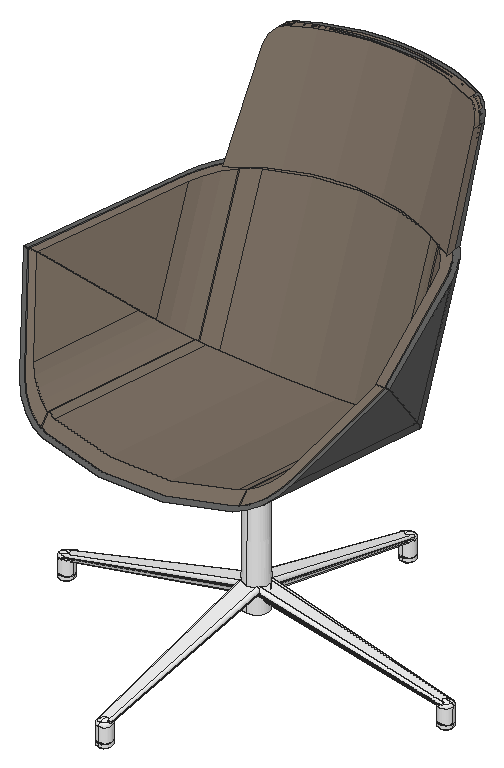
Revit family "Chair-Multi_Purpose-Allermuir-Phoulds PH4", category Furniture, Revit 2012 (continued)
Automatic sketch dimensions
  SweptBlend 17 sketch curve to SweptBlend 17 sketch curve = 0.00531"
  SweptBlend 17 sketch curve to profile plane = 16.42939"
  Revolve 18 sketch curve to level = 0"
  level to Revolve 18 sketch curve = 0.39013"
  Revolve 18 sketch curve to plane 6 = 3.24849"
  level to Revolve 18 sketch curve = 0.11054"
  Revolve 18 sketch curve to Revolve 18 sketch curve = 0"  (x3)
  Revolve 18 sketch curve to Revolve 18 sketch curve = 0.01662"
  level to Revolve 18 sketch curve = 0.32361"
  Revolve 18 sketch curve to Revolve 18 sketch curve = 0.02639"
  Revolve 18 sketch curve to Revolve 18 sketch curve = 0.05676"
  Revolve 18 sketch curve to Revolve 18 sketch curve = 0.10984"
  Revolve 18 sketch curve to Revolve 18 sketch curve = 0.12901"
  Revolve 18 sketch curve to Revolve 18 sketch curve = 0.12099"
  Revolve 18 sketch curve to Revolve 18 sketch curve = 9/32"
  level to Revolve 18 sketch curve = 0.31404"
  Revolve 18 sketch curve to Revolve 18 sketch curve = 0.36381"
  Revolve 18 sketch curve to Revolve 18 sketch curve = 0.48691"
  Revolve 18 sketch curve to Revolve 18 sketch curve = 0.22288"
  Revolve 19 sketch curve to level = 0"
  level to Revolve 19 sketch curve = 0.39013"
  Revolve 19 sketch curve to plane 7 = 3.24849"
  level to Revolve 19 sketch curve = 0.11054"
  Revolve 19 sketch curve to Revolve 19 sketch curve = 0"  (x3)
  Revolve 19 sketch curve to Revolve 19 sketch curve = 0.01662"
  level to Revolve 19 sketch curve = 0.32361"
  Revolve 19 sketch curve to Revolve 19 sketch curve = 0.02639"
  Revolve 19 sketch curve to Revolve 19 sketch curve = 0.05676"
  Revolve 19 sketch curve to Revolve 19 sketch curve = 0.10984"
  Revolve 19 sketch curve to Revolve 19 sketch curve = 0.12901"
  Revolve 19 sketch curve to Revolve 19 sketch curve = 0.12099"
  Revolve 19 sketch curve to Revolve 19 sketch curve = 9/32"
  level to Revolve 19 sketch curve = 0.31404"
  Revolve 19 sketch curve to Revolve 19 sketch curve = 0.36381"
  Revolve 19 sketch curve to Revolve 19 sketch curve = 0.48691"
  Revolve 19 sketch curve to Revolve 19 sketch curve = 0.22288"
  Revolve 20 sketch curve to level = 0"
  level to Revolve 20 sketch curve = 0.39013"
  plane 8 to Revolve 20 sketch curve = 3.87349"
  level to Revolve 20 sketch curve = 0.11054"
  Revolve 20 sketch curve to Revolve 20 sketch curve = 0"  (x3)
  Revolve 20 sketch curve to Revolve 20 sketch curve = 0.01662"
  level to Revolve 20 sketch curve = 0.32361"
  Revolve 20 sketch curve to Revolve 20 sketch curve = 0.02639"
  Revolve 20 sketch curve to Revolve 20 sketch curve = 0.05676"
  Revolve 20 sketch curve to Revolve 20 sketch curve = 0.10984"
  Revolve 20 sketch curve to Revolve 20 sketch curve = 0.12901"
  Revolve 20 sketch curve to Revolve 20 sketch curve = 0.12099"
  Revolve 20 sketch curve to Revolve 20 sketch curve = 9/32"
  level to Revolve 20 sketch curve = 0.31404"
  Revolve 20 sketch curve to Revolve 20 sketch curve = 0.36381"
  Revolve 20 sketch curve to Revolve 20 sketch curve = 0.48691"
  Revolve 20 sketch curve to Revolve 20 sketch curve = 0.22288"
  plane 1 "Center Front/Back" to SweptBlend 21 sketch curve = 0"
  SweptBlend 21 sketch curve to SweptBlend 21 sketch curve = 14.07799"
  profile plane to SweptBlend 21 sketch curve = 1.06091"
  profile plane to SweptBlend 21 sketch curve = 0.84904"
  SweptBlend 21 sketch curve to SweptBlend 21 sketch curve = 0"  (x20)
  SweptBlend 21 sketch curve to SweptBlend 21 sketch curve = 0.01016"
  SweptBlend 21 sketch curve to SweptBlend 21 sketch curve = 0.05223"
  SweptBlend 21 sketch curve to SweptBlend 21 sketch curve = 0.07622"
  SweptBlend 21 sketch curve to SweptBlend 21 sketch curve = 0.26696"
  SweptBlend 21 sketch curve to SweptBlend 21 sketch curve = 0.19882"
  profile plane to SweptBlend 21 sketch curve = 0.2073"
  profile plane to SweptBlend 21 sketch curve = 0.20433"
  profile plane to SweptBlend 21 sketch curve = 0"  (x2)
  SweptBlend 21 sketch curve to profile plane = 0.0031"
  SweptBlend 21 sketch curve to profile plane = 0.20431"
  SweptBlend 21 sketch curve to profile plane = 0.20728"
  SweptBlend 21 sketch curve to SweptBlend 21 sketch curve = 0.35663"
  SweptBlend 21 sketch curve to SweptBlend 21 sketch curve = 0.01804"
  SweptBlend 21 sketch curve to SweptBlend 21 sketch curve = 0.19881"
  SweptBlend 21 sketch curve to SweptBlend 21 sketch curve = 0.02396"
  SweptBlend 21 sketch curve to SweptBlend 21 sketch curve = 0.07613"
  SweptBlend 21 sketch curve to SweptBlend 21 sketch curve = 0.01022"
  SweptBlend 21 sketch curve to profile plane = 19.25468"
  profile plane to SweptBlend 21 sketch curve = 71/128"
  profile plane to SweptBlend 21 sketch curve = 0.4439"
  SweptBlend 21 sketch curve to SweptBlend 21 sketch curve = 0.00531"
  SweptBlend 21 sketch curve to SweptBlend 21 sketch curve = 0.02731"
  SweptBlend 21 sketch curve to SweptBlend 21 sketch curve = 0.03985"
  SweptBlend 21 sketch curve to SweptBlend 21 sketch curve = 0.13957"
  SweptBlend 21 sketch curve to SweptBlend 21 sketch curve = 0.10395"
  profile plane to SweptBlend 21 sketch curve = 0.10838"
  profile plane to SweptBlend 21 sketch curve = 0.10683"
  SweptBlend 21 sketch curve to profile plane = 0.00162"
  SweptBlend 21 sketch curve to profile plane = 0.10682"
  SweptBlend 21 sketch curve to profile plane = 0.10837"
  SweptBlend 21 sketch curve to SweptBlend 21 sketch curve = 0.18646"
  SweptBlend 21 sketch curve to SweptBlend 21 sketch curve = 0.00943"
  SweptBlend 21 sketch curve to SweptBlend 21 sketch curve = 0.10394"
  SweptBlend 21 sketch curve to SweptBlend 21 sketch curve = 0.01253"
  SweptBlend 21 sketch curve to SweptBlend 21 sketch curve = 0.0398"
  SweptBlend 21 sketch curve to SweptBlend 21 sketch curve = 0.00535"
  SweptBlend 21 sketch curve to profile plane = 16.42939"
  curve 62 to curve 63 = 0"
  curve 70 to curve 71 = 0"
  curve 77 to curve 78 = 0"
  curve 86 to curve 87 = 0"
  plane 1 "Center Front/Back" to curve 63 = 0"
  curve 77 to plane 3 "Center Left/Right" = 0"
  curve 71 to plane 3 "Center Left/Right" = 0"
  curve 35 to plane 3 "Center Left/Right" = 0"
  plane 1 "Center Front/Back" to curve 87 = 0"
  curve 9 to plane 3 "Center Left/Right" = 0.1367"
  curve 66 to plane 3 "Center Left/Right" = 0.26454"
  curve 73 to plane 3 "Center Left/Right" = 0.26454"
  curve 73 to plane 3 "Center Left/Right" = 0.31674"
  curve 66 to plane 3 "Center Left/Right" = 0.31674"
  curve 65 to curve 66 = 0.16302"
  curve 73 to curve 73 = 0.16302"
  curve 72 to curve 73 = 0.12622"
  curve 64 to curve 65 = 0.02173"
  curve 70 to curve 64 = 0.00346"
  curve 64 to plane 3 "Center Left/Right" = 0.50667"
  curve 76 to curve 77 = 0.57968"
  curve 69 to curve 70 = 0.56988"
  curve 2 to plane 3 "Center Left/Right" = 3.07175"
  curve 34 to plane 3 "Center Left/Right" = 4.58093"
  curve 10 to curve 2 = 1.95681"
  curve 40 to curve 10 = 0.08337"
  curve 32 to curve 34 = 1.95079"
  curve 38 to curve 40 = 1.45273"
  plane 9 to curve 32 = 0.03625"
  curve 32 to curve 34 = 2.52725"
  curve 36 to curve 10 = 2.12609"
  curve 38 to curve 36 = 0"
  curve 29 to curve 31 = 0.07233"
  curve 1 to curve 38 = 0.22536"
  curve 14 to curve 40 = 0.20881"
  plane 8 to curve 46 = 1.1282"
  plane 6 to curve 46 = 4.12883"
  plane 8 to curve 43 = 0.63812"
  curve 43 to curve 54 = 0"
  plane 8 to curve 44 = 0.26316"
  curve 44 to curve 43 = 0"
  curve 35 to curve 14 = 0.50029"
  curve 49 to curve 14 = 0.6772"
  curve 2 to curve 49 = 0.15886"
  curve 10 to curve 2 = 0.09256"
  curve 53 to curve 10 = 0.01904"
  curve 38 to curve 38 = 1.38664"
  curve 10 to curve 2 = 1.06352"
  curve 9 to curve 10 = 0"
  curve 13 to curve 35 = 1.43427"
  curve 40 to curve 38 = 1.18501"
  plane 6 to curve 34 = 1.64139"
  curve 32 to curve 34 = 0.64155"
  curve 12 to curve 32 = 0.00368"
  curve 2 to curve 40 = 0.50933"
  curve 4 to curve 2 = 0.00112"
  curve 5 to curve 4 = 0.21509"
  curve 11 to curve 12 = 0.28323"
  plane 6 to curve 2 = 1.16511"
  curve 55 to plane 6 = 0.35724"
  curve 61 to plane 6 = 0.70922"
  curve 8 to plane 6 = 1.20279"
  curve 3 to curve 8 = 11/256"
  curve 13 to curve 3 = 0.02565"
  curve 7 to curve 13 = 0.56433"
  curve 6 to curve 4 = 0.00724"
  plane 1 "Center Front/Back" to curve 59 = 0.29985"
  curve 59 to curve 61 = 1.28818"
  curve 57 to curve 59 = 0.19259"
  curve 11 to curve 6 = 0.34908"
  curve 63 to curve 59 = 0.42862"
  curve 62 to curve 57 = 0.24932"
  curve 60 to curve 62 = 0.0454"
  curve 56 to curve 63 = 0.12036"
  curve 55 to plane 1 "Center Front/Back" = 0.44928"
  curve 55 to curve 62 = 0.13571"
  curve 60 to curve 63 = 0.18618"
  curve 62 to curve 60 = 0.10505"
  curve 60 to curve 60 = 0.15579"
  curve 57 to curve 55 = 0.19298"
  curve 58 to curve 56 = 0.00821"
  curve 59 to curve 59 = 0.0098"
  plane 1 "Center Front/Back" to curve 58 = 0.00036"
  curve 58 to curve 62 = 0.14211"
  curve 62 to curve 58 = 0.38914"
  curve 29 to plane 1 "Center Front/Back" = 3.94591"
  curve 29 to curve 62 = 9.76113"
  plane 3 "Center Left/Right" to curve 31 = 0.00006"
  plane 3 "Center Left/Right" to curve 29 = 0.00006"
  plane 3 "Center Left/Right" to curve 67 = 0.00036"
  plane 3 "Center Left/Right" to curve 74 = 0.00036"
  plane 3 "Center Left/Right" to curve 54 = 0.02724"
  plane 3 "Center Left/Right" to curve 36 = 1/32"
  plane 3 "Center Left/Right" to curve 22 = 0.1992"
  plane 3 "Center Left/Right" to curve 75 = 0.26574"
  plane 3 "Center Left/Right" to curve 67 = 0.26574"
  plane 3 "Center Left/Right" to curve 75 = 0.29985"
  plane 3 "Center Left/Right" to curve 68 = 0.29985"
  curve 68 to curve 68 = 0.16203"
  curve 75 to curve 76 = 0.16203"
  curve 68 to curve 79 = 0.02189"
  curve 76 to curve 76 = 0.02679"
  curve 69 to curve 71 = 0.00521"
  plane 3 "Center Left/Right" to curve 79 = 0.52004"
  curve 78 to curve 72 = 0.21849"
  curve 69 to curve 65 = 0.22339"
  curve 22 to curve 15 = 2.93505"
  curve 15 to curve 23 = 1.95681"
  curve 23 to curve 41 = 0.30413"
  plane 7 to curve 39 = 5.74477"
  curve 39 to curve 33 = 0.53754"
  curve 41 to curve 37 = 1.23196"
  curve 23 to curve 1 = 1.77716"
  plane 9 to curve 33 = 0.01894"
  curve 33 to curve 33 = 0.65319"
  curve 41 to curve 37 = 1.82196"
  curve 36 to curve 37 = 0"
  plane 9 to curve 30 = 0.25041"
  curve 33 to curve 30 = 0.07337"
  curve 33 to curve 27 = 0.39714"
  plane 8 to curve 43 = 0.68218"
  curve 41 to curve 43 = 0.72692"
  plane 8 to curve 48 = 0.27879"
  curve 48 to curve 43 = 0"
  plane 8 to curve 47 = 1.17167"
  curve 47 to curve 43 = 0"
  curve 27 to curve 39 = 0.49602"
  curve 27 to curve 50 = 0.65282"
  curve 50 to curve 15 = 0.16459"
  curve 15 to curve 23 = 0.0914"
  curve 50 to plane 8 = 2.37771"
  curve 23 to curve 50 = 0.00986"
  curve 36 to curve 37 = 1.38664"
  curve 50 to curve 23 = 1.30498"
  curve 22 to curve 23 = 0"
  curve 39 to curve 26 = 1.57452"
  curve 21 to curve 41 = 1.18501"
  curve 26 to curve 25 = 0.4443"
  curve 41 to curve 15 = 0.50933"
  curve 15 to curve 17 = 0.00112"
  curve 17 to curve 18 = 0.21509"
  curve 33 to curve 30 = 0.41709"
  plane 7 to curve 15 = 1.10261"
  curve 80 to plane 7 = 0.47532"
  curve 88 to plane 7 = 0.7783"
  curve 21 to plane 7 = 1.26529"
  curve 21 to curve 26 = 0.03982"
  curve 16 to curve 20 = 0.00316"
  curve 20 to curve 25 = 0.55815"
  curve 19 to curve 17 = 0.03183"
  plane 1 "Center Front/Back" to curve 84 = 0.29985"
  curve 88 to curve 84 = 1.2191"
  curve 84 to curve 82 = 0.19259"
  curve 17 to curve 18 = 0.35632"
  curve 84 to curve 87 = 0.42862"
  curve 82 to curve 86 = 0.24932"
  curve 86 to curve 85 = 0.0454"
  curve 87 to curve 81 = 0.12036"
  curve 80 to plane 1 "Center Front/Back" = 0.44928"
  curve 86 to curve 80 = 0.13571"
  curve 87 to curve 85 = 0.18618"
  curve 85 to curve 87 = 0.10505"
  curve 85 to curve 84 = 0.15579"
  curve 80 to curve 82 = 0.19298"
  curve 82 to curve 82 = 0.00821"
  curve 84 to curve 84 = 0.0098"
  plane 1 "Center Front/Back" to curve 83 = 0.00036"
  curve 86 to curve 83 = 0.14211"
  curve 83 to curve 87 = 0.38914"
  curve 31 to plane 1 "Center Front/Back" = 4.02451"
  curve 61 to plane 7 = 20.54578"
  plane 9 to curve 79 = 0.94874"
  plane 9 to curve 64 = 0.95075"
  curve 68 to curve 79 = 1.67365"
  curve 66 to curve 68 = 0.19259"
  curve 70 to curve 66 = 0.24932"
  curve 71 to curve 68 = 0.44541"
  curve 69 to curve 70 = 0.0454"
  curve 69 to curve 65 = 0.06582"
  curve 36 to curve 70 = 6.89159"
  curve 14 to plane 9 = 0.3823"
  curve 33 to curve 27 = 0.40247"
  curve 25 to plane 9 = 1.64102"
  curve 11 to plane 9 = 1.66334"
  curve 33 to curve 24 = 0.03672"
  curve 11 to curve 34 = 0.04173"
  curve 11 to curve 12 = 0.08872"
  curve 12 to curve 32 = 0.00273"
  curve 25 to curve 26 = 0.21383"
  curve 34 to curve 3 = 2.99481"
  curve 20 to curve 88 = 4.33641"
  curve 3 to curve 13 = 0.00091"
  curve 20 to curve 26 = 0.00934"
  curve 13 to curve 7 = 0.02002"
  curve 20 to curve 20 = 0.02093"
  curve 17 to curve 24 = 0.00026"
  curve 4 to curve 11 = 0.00026"
  curve 16 to curve 21 = 0.11776"
  curve 3 to curve 8 = 0.12709"
  curve 56 to curve 63 = 0.22874"
  curve 81 to curve 87 = 0.22874"
  plane 1 "Center Front/Back" to curve 61 = 0.51213"
  plane 1 "Center Front/Back" to curve 88 = 0.50991"
  curve 61 to curve 63 = 0.00535"
  curve 85 to curve 87 = 0.00535"
  curve 60 to curve 60 = 0.02189"
  curve 85 to curve 84 = 0.02189"
  curve 22 to plane 1 "Center Front/Back" = 1.82285"
  curve 9 to curve 22 = 0"
  curve 37 to plane 1 "Center Front/Back" = 2.38373"
  curve 2 to plane 1 "Center Front/Back" = 2.86535"
  curve 15 to plane 1 "Center Front/Back" = 2.86535"
  curve 38 to curve 40 = 1.17424"
  curve 37 to curve 41 = 1.27631"
  curve 40 to curve 10 = 1.20389"
  curve 15 to curve 17 = 0.00036"
  curve 2 to curve 4 = 0.00036"
  curve 44 to plane 8 = 0.64424"
  curve 48 to plane 8 = 0.62771"
  curve 45 to plane 8 = 0.24984"
  curve 51 to plane 8 = 0.19958"
  plane 8 to curve 46 = 0.23018"
  plane 8 to curve 47 = 0.27983"
  curve 75 to curve 35 = 1.67037"
  curve 75 to curve 73 = 0.19259"
  curve 73 to curve 72 = 0.23397"
  curve 75 to curve 78 = 0.4449"
  curve 77 to curve 76 = 0.06076"
  curve 76 to curve 72 = 0.10409"
  radius of Extrusion 12 sketch curve = 2.95218"
